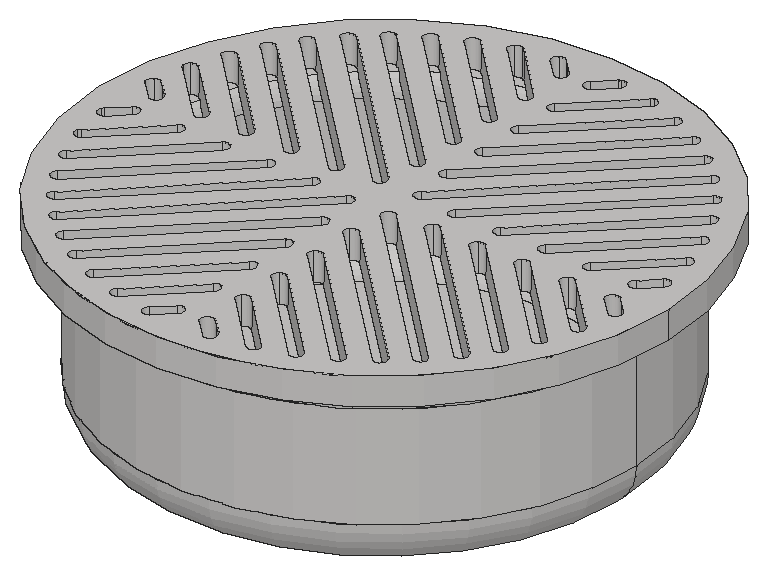
Revit family
Parameters (values of type "9630-2"")
  Width = 12"
  Waste Connection Radius = 1"
  Waste Connection Diameter = Waste Connection Radius * 2  # 2"
  Waste Connection = yes
  Vent Connection = no
  URL = "www.jrsmith.com"
  Price = "Prices may vary. Please consult Manufacturer Representative for most up-to-date price list."  # constant formula
  Phone Number = "416-250-5656"  # constant formula
  Omniclass Table 23 Title = "Waste Water Drains"  # constant formula
  Omniclass Table 23 Code = "23.70.50.21.24"  # constant formula
  Model = "9630-2\""
  Material = Metal-Jay R Smith-Stainless Steel
  Masterformat Title = "Sanitary Drains"  # constant formula
  Masterformat Number = "22 13 19.13"  # constant formula
  Manufacturer = "Jay R. Smith"
  Length = Width  # 12"
  Height = 6"
  HW Connection = no
  Description = "12\" Round top general purpose floor drain."
  Default Elevation = 0"
  Creation Date = "27/10/2014"  # constant formula
  Created By = "Allied Technical Services"  # constant formula
  CW Connection = no
  Assembly Code = "D2030300"
  ATS URL = "http://www.atsspec.net"
Types (13): name | Waste Connection Radius | Waste Connection Diameter | Model | Height
  (no name) | 1" | 2" | "9630-2\"" | 6"
  9630-2" | 1" | 2" | "9630-2\"" | 6"
  9630-3" | 1 1/2" | 3" | "9630-3\"" | 6"
  9630-4" | 2" | 4" | "9630-4\"" | 6"
  9631-2" | 1" | 2" | "9631-2\"" | 8"
  9631-3" | 1 1/2" | 3" | "9631-3\"" | 8"
  9631-4" | 2" | 4" | "9631-4\"" | 8"
  9632-2" | 1" | 2" | "9632-2\"" | 10"
  9632-3" | 1 1/2" | 3" | "9632-3\"" | 10"
  9632-4" | 2" | 4" | "9632-4\"" | 10"
  9633-2" | 1" | 2" | "9633-2\"" | 12"
  9633-3" | 1 1/2" | 3" | "9632-3\"" | 12"
  9633-4" | 2" | 4" | "9632-4\"" | 12"
Reference planes (in)
  plane 1 "Center (Front/Back)": y = 0
  plane 2: z = 0
  plane 3 "Center (Left/Right)": x = 0
  plane 4: x = -6
  plane 5: x = 6
  plane 6: z = 6
  plane 7: z = 2
  plane 8: x = -1
  plane 9: x = 1
  plane 10: z = 5.41801
  plane 11: x = 0
  plane 12: y = 0
Forms (in)
  Revolve 1, solid, material "Metal-Jay R Smith-Stainless Steel" <- "Material"
    sketch origin (0, 0, 0) x (1, 0, 0) y (0, 0, 1)
      loop
        line (-1, 0) -> (-1, 2) -> (-4.33186, 2)
        arc (-4.33186, 2) -> (-4.90639, 2.23798) -> (-5.14436, 2.8125) r 0.8125
        line (-5.14436, 2.8125) -> (-5.14436, 5)
        arc (-5.14436, 5) -> (-5.18778, 5.22515) -> (-5.3118, 5.41801) r 0.60551
        line (-5.3118, 5.41801) -> (-5.74987, 5.41801)
        arc (-5.74987, 5.41801) -> (-5.45429, 5.29558) -> (-5.33186, 5) r 0.41801
        line (-5.33186, 5) -> (-5.33186, 2.8125)
        arc (-5.33186, 2.8125) -> (-5.03897, 2.10539) -> (-4.33186, 1.8125) r 1
        line (-4.33186, 1.8125) -> (-3.64436, 1.8125) -> (-1.18677, 1.59749) -> (-1.18677, 0) -> (-1, 0)
      axis (0, 5.41801) -> (0, 0)
    angle from 0 to 360
  Extrusion 2, solid, material "Metal-Jay R Smith-Stainless Steel" <- "Material"
    sketch origin (-69.01505, -65.96959, 0) x (1, 0, 0) y (0, 1, 0)
      loop
        line (63.53106, 66.50383) -> (63.85224, 66.18265)
        arc (63.85224, 66.18265) -> (64.05119, 66.18273) -> (64.05097, 66.38167) r 0.14063
        line (64.05097, 66.38167) -> (63.72979, 66.70285)
        arc (63.72979, 66.70285) -> (63.64384, 66.74339) -> (63.55174, 66.72001) r 0.14063
        arc (63.55174, 66.72001) -> (63.49469, 66.64044) -> (63.50341, 66.54292) r 0.14063
        arc (63.50341, 66.54292) -> (63.51556, 66.52219) -> (63.53106, 66.50383) r 0.14063
      loop
        arc (64.80242, 66.18265) -> (64.88969, 66.14199) -> (64.98266, 66.167) r 0.14063
        arc (64.98266, 66.167) -> (65.04195, 66.26992) -> (65.00129, 66.38153) r 0.14063
        line (65.00129, 66.38153) -> (63.88442, 67.4984)
        arc (63.88442, 67.4984) -> (63.78803, 67.53955) -> (63.68994, 67.50261) r 0.14063
        arc (63.68994, 67.50261) -> (63.64933, 67.43603) -> (63.65044, 67.35806) r 0.14063
        arc (63.65044, 67.35806) -> (63.66439, 67.32663) -> (63.68555, 67.29952) r 0.14063
        line (63.68555, 67.29952) -> (64.80242, 66.18265)
      loop
        arc (65.75259, 66.18265) -> (65.85672, 66.14154) -> (65.95788, 66.18951) r 0.14063
        arc (65.95788, 66.18951) -> (65.99257, 66.28679) -> (65.95146, 66.38153) r 0.14063
        line (65.95146, 66.38153) -> (64.13016, 68.20284)
        arc (64.13016, 68.20284) -> (63.93128, 68.20284) -> (63.93128, 68.00396) r 0.14063
        line (63.93128, 68.00396) -> (65.75259, 66.18265)
      loop
        arc (66.70277, 66.18265) -> (66.79004, 66.14199) -> (66.88301, 66.167) r 0.14063
        arc (66.88301, 66.167) -> (66.9423, 66.26992) -> (66.90164, 66.38153) r 0.14063
        line (66.90164, 66.38153) -> (64.45008, 68.83309)
        arc (64.45008, 68.83309) -> (64.25121, 68.83309) -> (64.25121, 68.63421) r 0.14063
        line (64.25121, 68.63421) -> (66.70277, 66.18265)
      loop
        arc (67.65294, 66.18265) -> (67.74021, 66.14199) -> (67.83319, 66.167) r 0.14063
        arc (67.83319, 66.167) -> (67.89248, 66.26992) -> (67.85181, 66.38153) r 0.14063
        line (67.85181, 66.38153) -> (64.83511, 69.39823)
        arc (64.83511, 69.39823) -> (64.63623, 69.39823) -> (64.63623, 69.19936) r 0.14062
        line (64.63623, 69.19936) -> (67.65294, 66.18265)
      loop
        arc (68.47812, 66.30765) -> (68.67699, 66.30765) -> (68.67699, 66.50653) r 0.14063
        line (68.67699, 66.50653) -> (65.28064, 69.90287)
        arc (65.28064, 69.90287) -> (65.08177, 69.90287) -> (65.08177, 69.704) r 0.14063
        line (65.08177, 69.704) -> (68.47812, 66.30765)
      loop
        line (68.80199, 67.3317) -> (65.78534, 70.34835)
        arc (65.78534, 70.34835) -> (65.58644, 70.34844) -> (65.58641, 70.14953) r 0.14063
        line (65.58641, 70.14953) -> (68.60312, 67.13283)
        arc (68.60312, 67.13283) -> (68.71472, 67.09217) -> (68.81764, 67.15145) r 0.14063
        arc (68.81764, 67.15145) -> (68.84265, 67.24443) -> (68.80199, 67.3317) r 0.14063
      loop
        line (68.80199, 68.28188) -> (66.35043, 70.73344)
        arc (66.35043, 70.73344) -> (66.15156, 70.73344) -> (66.15156, 70.53456) r 0.14063
        line (66.15156, 70.53456) -> (68.60312, 68.083)
        arc (68.60312, 68.083) -> (68.71472, 68.04234) -> (68.81764, 68.10163) r 0.14063
        arc (68.81764, 68.10163) -> (68.84265, 68.1946) -> (68.80199, 68.28188) r 0.14063
      loop
        line (68.80199, 69.23205) -> (66.98068, 71.05336)
        arc (66.98068, 71.05336) -> (66.78181, 71.05336) -> (66.78181, 70.85449) r 0.14063
        line (66.78181, 70.85449) -> (68.60312, 69.03318)
        arc (68.60312, 69.03318) -> (68.69786, 68.99207) -> (68.79513, 69.02676) r 0.14063
        arc (68.79513, 69.02676) -> (68.8431, 69.12792) -> (68.80199, 69.23205) r 0.14063
      loop
        line (68.80199, 70.18223) -> (67.68512, 71.2991)
        arc (67.68512, 71.2991) -> (67.65801, 71.32026) -> (67.62658, 71.3342) r 0.14062
        arc (67.62658, 71.3342) -> (67.54861, 71.33531) -> (67.48203, 71.2947) r 0.14062
        arc (67.48203, 71.2947) -> (67.44509, 71.19662) -> (67.48624, 71.10022) r 0.14063
        line (67.48624, 71.10022) -> (68.60312, 69.98335)
        arc (68.60312, 69.98335) -> (68.71472, 69.94269) -> (68.81764, 70.00198) r 0.14063
        arc (68.81764, 70.00198) -> (68.84265, 70.09495) -> (68.80199, 70.18223) r 0.14063
      loop
        arc (68.60297, 70.93367) -> (68.80192, 70.93345) -> (68.80199, 71.1324) r 0.14063
        line (68.80199, 71.1324) -> (68.48081, 71.45358)
        arc (68.48081, 71.45358) -> (68.46245, 71.46908) -> (68.44173, 71.48123) r 0.14063
        arc (68.44173, 71.48123) -> (68.36732, 71.49423) -> (68.29692, 71.46684) r 0.14063
        arc (68.29692, 71.46684) -> (68.24096, 71.3643) -> (68.28179, 71.25485) r 0.14063
        line (68.28179, 71.25485) -> (68.60297, 70.93367)
      loop
        arc (74.49904, 66.50383) -> (74.51454, 66.52219) -> (74.5267, 66.54292) r 0.14063
        arc (74.5267, 66.54292) -> (74.53941, 66.61986) -> (74.50918, 66.69174) r 0.14063
        arc (74.50918, 66.69174) -> (74.40722, 66.74384) -> (74.30031, 66.70285) r 0.14063
        line (74.30031, 66.70285) -> (73.97914, 66.38167)
        arc (73.97914, 66.38167) -> (73.97892, 66.18273) -> (74.17786, 66.18265) r 0.14063
        line (74.17786, 66.18265) -> (74.49904, 66.50383)
      loop
        line (73.22769, 66.18265) -> (74.34456, 67.29952)
        arc (74.34456, 67.29952) -> (74.36572, 67.32663) -> (74.37967, 67.35806) r 0.14063
        arc (74.37967, 67.35806) -> (74.38077, 67.43603) -> (74.34016, 67.50261) r 0.14063
        arc (74.34016, 67.50261) -> (74.24208, 67.53955) -> (74.14568, 67.4984) r 0.14063
        line (74.14568, 67.4984) -> (73.02881, 66.38153)
        arc (73.02881, 66.38153) -> (72.98815, 66.26992) -> (73.04744, 66.167) r 0.14063
        arc (73.04744, 66.167) -> (73.14042, 66.14199) -> (73.22769, 66.18265) r 0.14063
      loop
        line (72.27751, 66.18265) -> (74.09882, 68.00396)
        arc (74.09882, 68.00396) -> (74.09882, 68.20284) -> (73.89995, 68.20284) r 0.14063
        line (73.89995, 68.20284) -> (72.07864, 66.38153)
        arc (72.07864, 66.38153) -> (72.03753, 66.28679) -> (72.07222, 66.18951) r 0.14063
        arc (72.07222, 66.18951) -> (72.17338, 66.14154) -> (72.27751, 66.18265) r 0.14063
      loop
        line (71.32734, 66.18265) -> (73.7789, 68.63421)
        arc (73.7789, 68.63421) -> (73.7789, 68.83309) -> (73.58002, 68.83309) r 0.14063
        line (73.58002, 68.83309) -> (71.12846, 66.38153)
        arc (71.12846, 66.38153) -> (71.0878, 66.26992) -> (71.14709, 66.167) r 0.14063
        arc (71.14709, 66.167) -> (71.24007, 66.14199) -> (71.32734, 66.18265) r 0.14063
      loop
        line (70.37716, 66.18265) -> (73.39387, 69.19936)
        arc (73.39387, 69.19936) -> (73.39387, 69.39823) -> (73.195, 69.39823) r 0.14062
        line (73.195, 69.39823) -> (70.17829, 66.38153)
        arc (70.17829, 66.38153) -> (70.13763, 66.26992) -> (70.19692, 66.167) r 0.14063
        arc (70.19692, 66.167) -> (70.28989, 66.14199) -> (70.37716, 66.18265) r 0.14063
      loop
        line (69.55199, 66.30765) -> (72.94833, 69.704)
        arc (72.94833, 69.704) -> (72.94833, 69.90287) -> (72.74946, 69.90287) r 0.14063
        line (72.74946, 69.90287) -> (69.35312, 66.50653)
        arc (69.35312, 66.50653) -> (69.35312, 66.30765) -> (69.55199, 66.30765) r 0.14063
      loop
        arc (69.22812, 67.3317) -> (69.18745, 67.24443) -> (69.21246, 67.15145) r 0.14063
        arc (69.21246, 67.15145) -> (69.31539, 67.09217) -> (69.42699, 67.13283) r 0.14063
        line (69.42699, 67.13283) -> (72.4437, 70.14953)
        arc (72.4437, 70.14953) -> (72.44367, 70.34844) -> (72.24476, 70.34835) r 0.14063
        line (72.24476, 70.34835) -> (69.22812, 67.3317)
      loop
        arc (69.22812, 68.28188) -> (69.18745, 68.1946) -> (69.21246, 68.10163) r 0.14063
        arc (69.21246, 68.10163) -> (69.31539, 68.04234) -> (69.42699, 68.083) r 0.14063
        line (69.42699, 68.083) -> (71.87855, 70.53456)
        arc (71.87855, 70.53456) -> (71.87855, 70.73344) -> (71.67967, 70.73344) r 0.14063
        line (71.67967, 70.73344) -> (69.22812, 68.28188)
      loop
        arc (69.22812, 69.23205) -> (69.18701, 69.12792) -> (69.23498, 69.02676) r 0.14063
        arc (69.23498, 69.02676) -> (69.33225, 68.99207) -> (69.42699, 69.03318) r 0.14063
        line (69.42699, 69.03318) -> (71.2483, 70.85449)
        arc (71.2483, 70.85449) -> (71.2483, 71.05336) -> (71.04942, 71.05336) r 0.14063
        line (71.04942, 71.05336) -> (69.22812, 69.23205)
      loop
        arc (69.22812, 70.18223) -> (69.18745, 70.09495) -> (69.21246, 70.00198) r 0.14063
        arc (69.21246, 70.00198) -> (69.31539, 69.94269) -> (69.42699, 69.98335) r 0.14063
        line (69.42699, 69.98335) -> (70.54386, 71.10022)
        arc (70.54386, 71.10022) -> (70.58501, 71.19662) -> (70.54807, 71.2947) r 0.14063
        arc (70.54807, 71.2947) -> (70.4815, 71.33531) -> (70.40352, 71.3342) r 0.14062
        arc (70.40352, 71.3342) -> (70.37209, 71.32026) -> (70.34499, 71.2991) r 0.14062
        line (70.34499, 71.2991) -> (69.22812, 70.18223)
      loop
        line (69.42714, 70.93367) -> (69.74832, 71.25485)
        arc (69.74832, 71.25485) -> (69.78915, 71.3643) -> (69.73318, 71.46684) r 0.14063
        arc (69.73318, 71.46684) -> (69.66279, 71.49423) -> (69.58838, 71.48123) r 0.14063
        arc (69.58838, 71.48123) -> (69.56765, 71.46908) -> (69.54929, 71.45358) r 0.14063
        line (69.54929, 71.45358) -> (69.22812, 71.1324)
        arc (69.22812, 71.1324) -> (69.22819, 70.93345) -> (69.42714, 70.93367) r 0.14063
      loop
        arc (63.53106, 65.43535) -> (63.51556, 65.41699) -> (63.50341, 65.39626) r 0.14063
        arc (63.50341, 65.39626) -> (63.49469, 65.29874) -> (63.55174, 65.21917) r 0.14063
        arc (63.55174, 65.21917) -> (63.64384, 65.19579) -> (63.72979, 65.23633) r 0.14063
        line (63.72979, 65.23633) -> (64.05097, 65.55751)
        arc (64.05097, 65.55751) -> (64.05119, 65.75645) -> (63.85224, 65.75653) r 0.14063
        line (63.85224, 65.75653) -> (63.53106, 65.43535)
      loop
        line (64.80242, 65.75653) -> (63.68555, 64.63966)
        arc (63.68555, 64.63966) -> (63.66439, 64.61255) -> (63.65044, 64.58112) r 0.14063
        arc (63.65044, 64.58112) -> (63.64933, 64.50315) -> (63.68994, 64.43657) r 0.14063
        arc (63.68994, 64.43657) -> (63.78803, 64.39963) -> (63.88442, 64.44078) r 0.14063
        line (63.88442, 64.44078) -> (65.00129, 65.55765)
        arc (65.00129, 65.55765) -> (65.04195, 65.66925) -> (64.98266, 65.77218) r 0.14063
        arc (64.98266, 65.77218) -> (64.88969, 65.79719) -> (64.80242, 65.75653) r 0.14063
      loop
        line (65.75259, 65.75653) -> (63.93128, 63.93522)
        arc (63.93128, 63.93522) -> (63.93128, 63.73634) -> (64.13016, 63.73634) r 0.14063
        line (64.13016, 63.73634) -> (65.95146, 65.55765)
        arc (65.95146, 65.55765) -> (65.99257, 65.65239) -> (65.95788, 65.74967) r 0.14063
        arc (65.95788, 65.74967) -> (65.85672, 65.79764) -> (65.75259, 65.75653) r 0.14063
      loop
        line (66.70277, 65.75653) -> (64.25121, 63.30497)
        arc (64.25121, 63.30497) -> (64.25121, 63.10609) -> (64.45008, 63.10609) r 0.14063
        line (64.45008, 63.10609) -> (66.90164, 65.55765)
        arc (66.90164, 65.55765) -> (66.9423, 65.66925) -> (66.88301, 65.77218) r 0.14063
        arc (66.88301, 65.77218) -> (66.79004, 65.79719) -> (66.70277, 65.75653) r 0.14063
      loop
        line (67.65294, 65.75653) -> (64.63623, 62.73982)
        arc (64.63623, 62.73982) -> (64.63623, 62.54095) -> (64.83511, 62.54095) r 0.14062
        line (64.83511, 62.54095) -> (67.85181, 65.55765)
        arc (67.85181, 65.55765) -> (67.89248, 65.66925) -> (67.83319, 65.77218) r 0.14063
        arc (67.83319, 65.77218) -> (67.74021, 65.79719) -> (67.65294, 65.75653) r 0.14063
      loop
        line (68.47812, 65.63153) -> (65.08177, 62.23518)
        arc (65.08177, 62.23518) -> (65.08177, 62.03631) -> (65.28064, 62.03631) r 0.14063
        line (65.28064, 62.03631) -> (68.67699, 65.43265)
        arc (68.67699, 65.43265) -> (68.67699, 65.63153) -> (68.47812, 65.63153) r 0.14063
      loop
        arc (68.80199, 64.60748) -> (68.84265, 64.69475) -> (68.81764, 64.78772) r 0.14063
        arc (68.81764, 64.78772) -> (68.71472, 64.84701) -> (68.60312, 64.80635) r 0.14063
        line (68.60312, 64.80635) -> (65.58641, 61.78964)
        arc (65.58641, 61.78964) -> (65.58644, 61.59074) -> (65.78534, 61.59083) r 0.14063
        line (65.78534, 61.59083) -> (68.80199, 64.60748)
      loop
        arc (68.80199, 63.6573) -> (68.84265, 63.74458) -> (68.81764, 63.83755) r 0.14063
        arc (68.81764, 63.83755) -> (68.71472, 63.89684) -> (68.60312, 63.85618) r 0.14063
        line (68.60312, 63.85618) -> (66.15156, 61.40462)
        arc (66.15156, 61.40462) -> (66.15156, 61.20574) -> (66.35043, 61.20574) r 0.14063
        line (66.35043, 61.20574) -> (68.80199, 63.6573)
      loop
        arc (68.80199, 62.70713) -> (68.8431, 62.81126) -> (68.79513, 62.91242) r 0.14063
        arc (68.79513, 62.91242) -> (68.69786, 62.94711) -> (68.60312, 62.906) r 0.14063
        line (68.60312, 62.906) -> (66.78181, 61.08469)
        arc (66.78181, 61.08469) -> (66.78181, 60.88582) -> (66.98068, 60.88582) r 0.14063
        line (66.98068, 60.88582) -> (68.80199, 62.70713)
      loop
        arc (68.80199, 61.75695) -> (68.84265, 61.84423) -> (68.81764, 61.9372) r 0.14063
        arc (68.81764, 61.9372) -> (68.71472, 61.99649) -> (68.60312, 61.95583) r 0.14063
        line (68.60312, 61.95583) -> (67.48624, 60.83896)
        arc (67.48624, 60.83896) -> (67.44509, 60.74256) -> (67.48203, 60.64448) r 0.14063
        arc (67.48203, 60.64448) -> (67.54861, 60.60387) -> (67.62658, 60.60497) r 0.14062
        arc (67.62658, 60.60497) -> (67.65801, 60.61892) -> (67.68512, 60.64008) r 0.14062
        line (67.68512, 60.64008) -> (68.80199, 61.75695)
      loop
        line (68.60297, 61.00551) -> (68.28179, 60.68433)
        arc (68.28179, 60.68433) -> (68.24096, 60.57488) -> (68.29692, 60.47234) r 0.14063
        arc (68.29692, 60.47234) -> (68.36732, 60.44495) -> (68.44173, 60.45794) r 0.14063
        arc (68.44173, 60.45794) -> (68.46245, 60.4701) -> (68.48081, 60.4856) r 0.14063
        line (68.48081, 60.4856) -> (68.80199, 60.80678)
        arc (68.80199, 60.80678) -> (68.80192, 61.00573) -> (68.60297, 61.00551) r 0.14063
      loop
        line (74.49904, 65.43535) -> (74.17786, 65.75653)
        arc (74.17786, 65.75653) -> (73.97892, 65.75645) -> (73.97914, 65.55751) r 0.14063
        line (73.97914, 65.55751) -> (74.30031, 65.23633)
        arc (74.30031, 65.23633) -> (74.39902, 65.19514) -> (74.49814, 65.23529) r 0.14063
        arc (74.49814, 65.23529) -> (74.53822, 65.3112) -> (74.5267, 65.39626) r 0.14063
        arc (74.5267, 65.39626) -> (74.51454, 65.41699) -> (74.49904, 65.43535) r 0.14063
      loop
        arc (73.22769, 65.75653) -> (73.14042, 65.79719) -> (73.04744, 65.77218) r 0.14063
        arc (73.04744, 65.77218) -> (72.98815, 65.66925) -> (73.02881, 65.55765) r 0.14063
        line (73.02881, 65.55765) -> (74.14568, 64.44078)
        arc (74.14568, 64.44078) -> (74.24208, 64.39963) -> (74.34016, 64.43657) r 0.14063
        arc (74.34016, 64.43657) -> (74.38077, 64.50315) -> (74.37967, 64.58112) r 0.14063
        arc (74.37967, 64.58112) -> (74.36572, 64.61255) -> (74.34456, 64.63966) r 0.14063
        line (74.34456, 64.63966) -> (73.22769, 65.75653)
      loop
        arc (72.27751, 65.75653) -> (72.17338, 65.79764) -> (72.07222, 65.74967) r 0.14063
        arc (72.07222, 65.74967) -> (72.03753, 65.65239) -> (72.07864, 65.55765) r 0.14063
        line (72.07864, 65.55765) -> (73.89995, 63.73634)
        arc (73.89995, 63.73634) -> (74.09882, 63.73634) -> (74.09882, 63.93522) r 0.14063
        line (74.09882, 63.93522) -> (72.27751, 65.75653)
      loop
        arc (71.32734, 65.75653) -> (71.24007, 65.79719) -> (71.14709, 65.77218) r 0.14063
        arc (71.14709, 65.77218) -> (71.0878, 65.66925) -> (71.12846, 65.55765) r 0.14063
        line (71.12846, 65.55765) -> (73.58002, 63.10609)
        arc (73.58002, 63.10609) -> (73.7789, 63.10609) -> (73.7789, 63.30497) r 0.14063
        line (73.7789, 63.30497) -> (71.32734, 65.75653)
      loop
        arc (70.37716, 65.75653) -> (70.28989, 65.79719) -> (70.19692, 65.77218) r 0.14063
        arc (70.19692, 65.77218) -> (70.13763, 65.66925) -> (70.17829, 65.55765) r 0.14063
        line (70.17829, 65.55765) -> (73.195, 62.54095)
        arc (73.195, 62.54095) -> (73.39387, 62.54095) -> (73.39387, 62.73982) r 0.14062
        line (73.39387, 62.73982) -> (70.37716, 65.75653)
      loop
        arc (69.55199, 65.63153) -> (69.35312, 65.63153) -> (69.35312, 65.43265) r 0.14063
        line (69.35312, 65.43265) -> (72.74946, 62.03631)
        arc (72.74946, 62.03631) -> (72.94833, 62.03631) -> (72.94833, 62.23518) r 0.14063
        line (72.94833, 62.23518) -> (69.55199, 65.63153)
      loop
        line (69.22812, 64.60748) -> (72.24476, 61.59083)
        arc (72.24476, 61.59083) -> (72.44367, 61.59074) -> (72.4437, 61.78964) r 0.14063
        line (72.4437, 61.78964) -> (69.42699, 64.80635)
        arc (69.42699, 64.80635) -> (69.31539, 64.84701) -> (69.21246, 64.78772) r 0.14063
        arc (69.21246, 64.78772) -> (69.18745, 64.69475) -> (69.22812, 64.60748) r 0.14063
      loop
        line (69.22812, 63.6573) -> (71.67967, 61.20574)
        arc (71.67967, 61.20574) -> (71.87855, 61.20574) -> (71.87855, 61.40462) r 0.14063
        line (71.87855, 61.40462) -> (69.42699, 63.85618)
        arc (69.42699, 63.85618) -> (69.31539, 63.89684) -> (69.21246, 63.83755) r 0.14063
        arc (69.21246, 63.83755) -> (69.18745, 63.74458) -> (69.22812, 63.6573) r 0.14063
      loop
        line (69.22812, 62.70713) -> (71.04942, 60.88582)
        arc (71.04942, 60.88582) -> (71.2483, 60.88582) -> (71.2483, 61.08469) r 0.14063
        line (71.2483, 61.08469) -> (69.42699, 62.906)
        arc (69.42699, 62.906) -> (69.33225, 62.94711) -> (69.23498, 62.91242) r 0.14063
        arc (69.23498, 62.91242) -> (69.18701, 62.81126) -> (69.22812, 62.70713) r 0.14063
      loop
        line (69.22812, 61.75695) -> (70.34499, 60.64008)
        arc (70.34499, 60.64008) -> (70.37209, 60.61892) -> (70.40352, 60.60497) r 0.14062
        arc (70.40352, 60.60497) -> (70.4815, 60.60387) -> (70.54807, 60.64448) r 0.14062
        arc (70.54807, 60.64448) -> (70.58501, 60.74256) -> (70.54386, 60.83896) r 0.14063
        line (70.54386, 60.83896) -> (69.42699, 61.95583)
        arc (69.42699, 61.95583) -> (69.31539, 61.99649) -> (69.21246, 61.9372) r 0.14063
        arc (69.21246, 61.9372) -> (69.18745, 61.84423) -> (69.22812, 61.75695) r 0.14063
      loop
        arc (69.42714, 61.00551) -> (69.22819, 61.00573) -> (69.22812, 60.80678) r 0.14063
        line (69.22812, 60.80678) -> (69.54929, 60.4856)
        arc (69.54929, 60.4856) -> (69.56765, 60.4701) -> (69.58838, 60.45794) r 0.14063
        arc (69.58838, 60.45794) -> (69.66279, 60.44495) -> (69.73318, 60.47234) r 0.14063
        arc (69.73318, 60.47234) -> (69.78915, 60.57488) -> (69.74832, 60.68433) r 0.14063
        line (69.74832, 60.68433) -> (69.42714, 61.00551)
      loop
        circle (69.01505, 65.96959) r 6
    from 5.41801 to 6
Dimensions and locks (in)
  "Height": plane 6 to plane 2
  "Waste Connection Diameter": plane 9 to plane 8
  "Width": plane 5 to plane 4
  plane 7 to level = 2"
  equal spacing: plane 9, plane 3 "Center (Left/Right)", plane 8
  equal spacing: plane 5, plane 3 "Center (Left/Right)", plane 4
  plane 6 to plane 7 = 4"
  locked: plane 6 to plane 10 at 0.58199
  aligned and locked: plane 8 to Revolve 1 sketch curve
  aligned and locked: Extrusion 2 to plane 10
  aligned and locked: plane 6 to Extrusion 2
Automatic sketch dimensions
  Revolve 1 sketch curve to Revolve 1 sketch curve = 0"  (x4)
  Revolve 1 sketch curve to plane 10 = 0"
  Revolve 1 sketch curve to plane 7 = 0"
  Revolve 1 sketch curve to level = 0"
  Revolve 1 sketch curve to plane 3 "Center (Left/Right)" = 0"
  Revolve 1 sketch curve to plane 8 = 0.18677"
  plane 4 to Revolve 1 sketch curve = 2.35564"
  Revolve 1 sketch curve to Revolve 1 sketch curve = 11/16"
  plane 4 to Revolve 1 sketch curve = 0.85564"
  Revolve 1 sketch curve to Revolve 1 sketch curve = 0.16743"
  Revolve 1 sketch curve to level = 1 1/2"
  Revolve 1 sketch curve to Revolve 1 sketch curve = 1.62049"
  Revolve 1 sketch curve to Revolve 1 sketch curve = 0.21501"
  Revolve 1 sketch curve to Revolve 1 sketch curve = 3/16"
  Extrusion 2 sketch curve to Extrusion 2 sketch curve = 0"  (x159)
  Extrusion 2 sketch curve to plane 11 = 0"
  Extrusion 2 sketch curve to plane 12 = 0"
  plane 11 to Extrusion 2 sketch curve = 0.21992"
  plane 11 to Extrusion 2 sketch curve = 0.19741"  (x6)
  Extrusion 2 sketch curve to Extrusion 2 sketch curve = 0.00686"  (x6)
  plane 11 to Extrusion 2 sketch curve = 0.21306"  (x3)
  Extrusion 2 sketch curve to Extrusion 2 sketch curve = 0.01565"  (x16)
  Extrusion 2 sketch curve to Extrusion 2 sketch curve = 0.09944"  (x183)
  Extrusion 2 sketch curve to Extrusion 2 sketch curve = 0.11509"  (x9)
  Extrusion 2 sketch curve to Extrusion 2 sketch curve = 0.09258"  (x2)
  plane 11 to Extrusion 2 sketch curve = 0.33806"  (x2)
  Extrusion 2 sketch curve to Extrusion 2 sketch curve = 0.09958"  (x5)
  Extrusion 2 sketch curve to Extrusion 2 sketch curve = 0.32118"  (x12)
  Extrusion 2 sketch curve to Extrusion 2 sketch curve = 0.03909"  (x4)
  Extrusion 2 sketch curve to Extrusion 2 sketch curve = 0.09959"
  Extrusion 2 sketch curve to Extrusion 2 sketch curve = 0.0605"  (x2)
  Extrusion 2 sketch curve to Extrusion 2 sketch curve = 0.08431"  (x4)
  Extrusion 2 sketch curve to Extrusion 2 sketch curve = 0.6263"  (x6)
  Extrusion 2 sketch curve to Extrusion 2 sketch curve = 0.01863"  (x20)
  Extrusion 2 sketch curve to Extrusion 2 sketch curve = 0.08081"  (x6)
  Extrusion 2 sketch curve to Extrusion 2 sketch curve = 0.59667"  (x4)
  Extrusion 2 sketch curve to Extrusion 2 sketch curve = 0.05853"  (x4)
  Extrusion 2 sketch curve to Extrusion 2 sketch curve = 0.0409"  (x2)
  Extrusion 2 sketch curve to Extrusion 2 sketch curve = 0.10365"  (x4)
  Extrusion 2 sketch curve to Extrusion 2 sketch curve = 0.50557"  (x5)
  Extrusion 2 sketch curve to Extrusion 2 sketch curve = 0.7513"  (x16)
  Extrusion 2 sketch curve to Extrusion 2 sketch curve = 0.43138"  (x8)
  Extrusion 2 sketch curve to plane 12 = 0.21992"  (x2)
  Extrusion 2 sketch curve to Extrusion 2 sketch curve = 0.74488"  (x3)
  Extrusion 2 sketch curve to plane 12 = 0.41194"  (x6)
  Extrusion 2 sketch curve to Extrusion 2 sketch curve = 0.00642"  (x10)
  Extrusion 2 sketch curve to Extrusion 2 sketch curve = 0.10585"  (x4)
  Extrusion 2 sketch curve to Extrusion 2 sketch curve = 0.36622"  (x4)
  plane 12 to Extrusion 2 sketch curve = 0.21306"  (x6)
  Extrusion 2 sketch curve to Extrusion 2 sketch curve = 0.0995"  (x4)
  Extrusion 2 sketch curve to Extrusion 2 sketch curve = 0.30576"  (x8)
  plane 12 to Extrusion 2 sketch curve = 0.41194"  (x4)
  Extrusion 2 sketch curve to Extrusion 2 sketch curve = 0.24666"  (x8)
  Extrusion 2 sketch curve to plane 12 = 0.21306"  (x5)
  Extrusion 2 sketch curve to Extrusion 2 sketch curve = 0.18615"  (x4)
  plane 12 to Extrusion 2 sketch curve = 2.23325"
  Extrusion 2 sketch curve to Extrusion 2 sketch curve = 0.12105"  (x8)
  Extrusion 2 sketch curve to plane 12 = 2.23325"
  Extrusion 2 sketch curve to Extrusion 2 sketch curve = 0.75145"  (x8)
  Extrusion 2 sketch curve to plane 12 = 0.41208"
  Extrusion 2 sketch curve to Extrusion 2 sketch curve = 0.09929"  (x12)
  plane 12 to Extrusion 2 sketch curve = 1.52881"  (x2)
  Extrusion 2 sketch curve to Extrusion 2 sketch curve = 3/64"  (x8)
  Extrusion 2 sketch curve to plane 12 = 1.52881"  (x2)
  Extrusion 2 sketch curve to Extrusion 2 sketch curve = 0.09504"  (x4)
  Extrusion 2 sketch curve to plane 12 = 1.32993"
  plane 12 to Extrusion 2 sketch curve = 1.32993"
  Extrusion 2 sketch curve to Extrusion 2 sketch curve = 0.03511"  (x4)
  Extrusion 2 sketch curve to Extrusion 2 sketch curve = 0.07862"  (x2)
  plane 12 to Extrusion 2 sketch curve = 0.53424"  (x2)
  Extrusion 2 sketch curve to Extrusion 2 sketch curve = 0.02766"  (x4)
  Extrusion 2 sketch curve to plane 11 = 0.21992"
  Extrusion 2 sketch curve to plane 11 = 0.19741"  (x6)
  Extrusion 2 sketch curve to plane 11 = 0.21306"  (x3)
  Extrusion 2 sketch curve to plane 11 = 0.33806"  (x2)
  Extrusion 2 sketch curve to Extrusion 2 sketch curve = 0.03908"  (x2)
  Extrusion 2 sketch curve to Extrusion 2 sketch curve = 0.10943"
  Extrusion 2 sketch curve to Extrusion 2 sketch curve = 0.09839"
  Extrusion 2 sketch curve to plane 12 = 2.31229"
  Extrusion 2 sketch curve to Extrusion 2 sketch curve = 1.13581"
  Extrusion 2 sketch curve to Extrusion 2 sketch curve = 0.36627"  (x4)
  Extrusion 2 sketch curve to Extrusion 2 sketch curve = 0.18621"  (x4)
  Extrusion 2 sketch curve to Extrusion 2 sketch curve = 0.00421"
  Extrusion 2 sketch curve to Extrusion 2 sketch curve = 0.76993"
  Extrusion 2 sketch curve to Extrusion 2 sketch curve = 0.43792"
  Extrusion 2 sketch curve to Extrusion 2 sketch curve = 0.5202"
  Extrusion 2 sketch curve to Extrusion 2 sketch curve = 0.01716"
  Extrusion 2 sketch curve to Extrusion 2 sketch curve = 0.00103"
  Extrusion 2 sketch curve to plane 12 = 0.53694"  (x2)
  Extrusion 2 sketch curve to Extrusion 2 sketch curve = 0.19902"
  Extrusion 2 sketch curve to Extrusion 2 sketch curve = 0.19201"
  Extrusion 2 sketch curve to Extrusion 2 sketch curve = 0.19887"  (x3)
  plane 12 to Extrusion 2 sketch curve = 0.19741"  (x3)
  plane 12 to Extrusion 2 sketch curve = 0.21992"
  plane 12 to Extrusion 2 sketch curve = 0.33806"  (x2)
  radius of Extrusion 2 sketch curve = 6"
Connectors (in)
  piping at (0, 0, 0), driven by "Waste Connection Radius"
    settings: on Revolve 1, index 1
